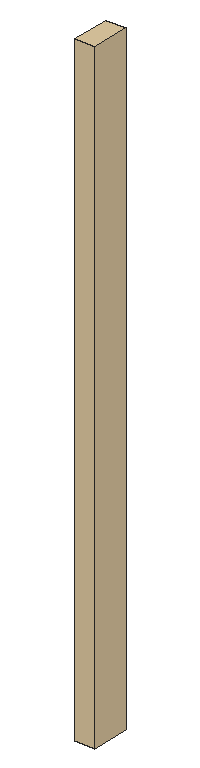
Revit family "Glulam (2)", category 구조 기둥, Revit 2026
Family settings
  단면 모양 = 정의되지 않음
  모델 동작 재료 = 목재
  항상 형상으로 내보내기 = 아니오
  평면의 보 전환 = 경계 상자에서
  로드될 때 보이드를 사용하여 절단 = 아니오
  기호 표현 = 프로젝트 설정에서
  공유 = 아니오
  평면도에서 미리 절단된 패밀리 표시 = 예
Parameters (values of type "79 x 152")
  Structural Material [instance] = Wood - Dimensional Lumber
  b = 79 mm
  d = 152 mm
  키노트 = "G20"
Types (3, lengths in mm): name | b
  (no name) | 79
  79 x 152 | 79
  130 x 152 | 130
Reference planes
  plane 1 "Center (Front/Back)": y = 0
  plane 2: z = 0
  plane 3 "Center (Left/Right)": x = 0
  plane 4: x = -39.5
  plane 5: x = 39.5
  plane 6: y = 76
  plane 7: y = -76
Forms (mm)
  Extrusion 1, solid, material "Wood - Dimensional Lumber" <- "Structural Material", detail levels medium+fine
    sketch origin (0, 0, 0) x (1, 0, 0) y (0, 1, 0)
      loop
        line (-39.5, 76) -> (-39.5, -76) -> (39.5, -76) -> (39.5, 76) -> (-39.5, 76)
    from 0 to 2500
Lines and regions (mm)
  symbolic lines, style "StructuralColumnStickSymbols", detail levels coarse
    curve 1: line (-39.5, 76, 0) -> (39.5, 76, 0)
    curve 2: line (-39.5, -76, 0) -> (39.5, -76, 0)
    curve 3: line (-39.5, 76, 0) -> (-39.5, -76, 0)
    curve 4: line (39.5, 76, 0) -> (39.5, -76, 0)
Dimensions and locks
  equal spacing: plane 4, plane 3 "Center (Left/Right)", plane 5
  equal spacing: plane 7, plane 1 "Center (Front/Back)", plane 6
  "d": plane 7 to plane 6
  "b": plane 4 to plane 5
  aligned and locked: plane 6 to Extrusion 1 sketch curve
  aligned and locked: Extrusion 1 sketch curve to plane 7
  aligned and locked: Extrusion 1 sketch curve to plane 4
  aligned and locked: plane 5 to Extrusion 1 sketch curve
  aligned and locked: level to Extrusion 1
  aligned and locked: level to plane 2
  aligned and locked: Extrusion 1 to plane 2
Automatic sketch dimensions
  curve 3 to plane 4 = 0 mm
  curve 4 to plane 5 = 0 mm
  curve 3 to plane 7 = 0 mm
  curve 3 to plane 6 = 0 mm
